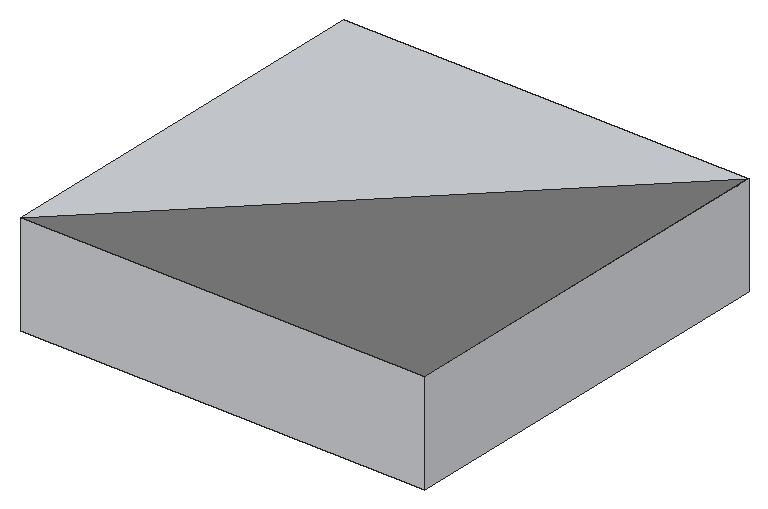
Revit family "電線管用ファミリ(片側のみ)_10", category Electrical Fixtures, Revit 2022
Family settings
  Round Connector Dimension = Use Diameter
  Part Type = Normal
  OmniClass Number = 23.80.00.00
  OmniClass Title = Electric Power and Lighting
  Work Plane-Based = No
  Always vertical = Yes
  Cut with Voids When Loaded = No
  Maintain Annotation Orientation = Yes
  Shared = No
  Room Calculation Point = No
Parameters
  コネクタ直径 [instance] = 16 mm
  W [instance] = 200 mm
  Default Elevation = 0 mm
  D [instance] = 200 mm
Reference planes
  plane 1 "Center (Front/Back)": y = 0
  plane 2: z = 0
  plane 3 "Center (Left/Right)": x = 0
  plane 4: x = -100
  plane 5: x = 100
  plane 6: y = 100
  plane 7: y = -100
  plane 8: z = 50
Forms (mm)
  Extrusion 1, solid
    sketch origin (0, 0, 0) x (1, 0, 0) y (0, 1, 0)
      loop
        line (-100, 100) -> (-100, -100) -> (100, -100) -> (100, 100) -> (-100, 100)
    from 0 to 50
  Extrusion 2, solid, material "Default Solid Fill"
    sketch origin (0, 0, 0) x (1, 0, 0) y (0, 1, 0)
      loop
        line (100, 100) -> (-100, -100) -> (100, -100) -> (100, 100)
    from 0 to 50
Dimensions and locks
  equal spacing: plane 4, plane 3 "Center (Left/Right)", plane 5
  "W": plane 4 to plane 5
  equal spacing: plane 6, plane 1 "Center (Front/Back)", plane 7
  "D": plane 6 to plane 7
  aligned and locked: level to plane 2
  aligned and locked: Extrusion 1 sketch curve to plane 6
  aligned and locked: plane 4 to Extrusion 1 sketch curve
  aligned and locked: plane 7 to Extrusion 1 sketch curve
  aligned and locked: Extrusion 1 sketch curve to plane 5
  aligned and locked: plane 8 to Extrusion 1
  aligned and locked: plane 8 to Extrusion 2
Automatic sketch dimensions
  Extrusion 2 sketch curve to plane 4 = 0 mm
  Extrusion 2 sketch curve to plane 5 = 0 mm
  Extrusion 2 sketch curve to plane 7 = 0 mm
  Extrusion 2 sketch curve to plane 6 = 0 mm
Connectors
  cabletrayconduit at (0, 0, 50), diameter 16
    settings: on Extrusion 1, index 1, connector width 300 mm, connector height 300 mm, connector angle 0.00°, system type 32, placement type 0, profile type 0, connector reference index -1, is primary connector yes, connector utility param no, connector description ""
